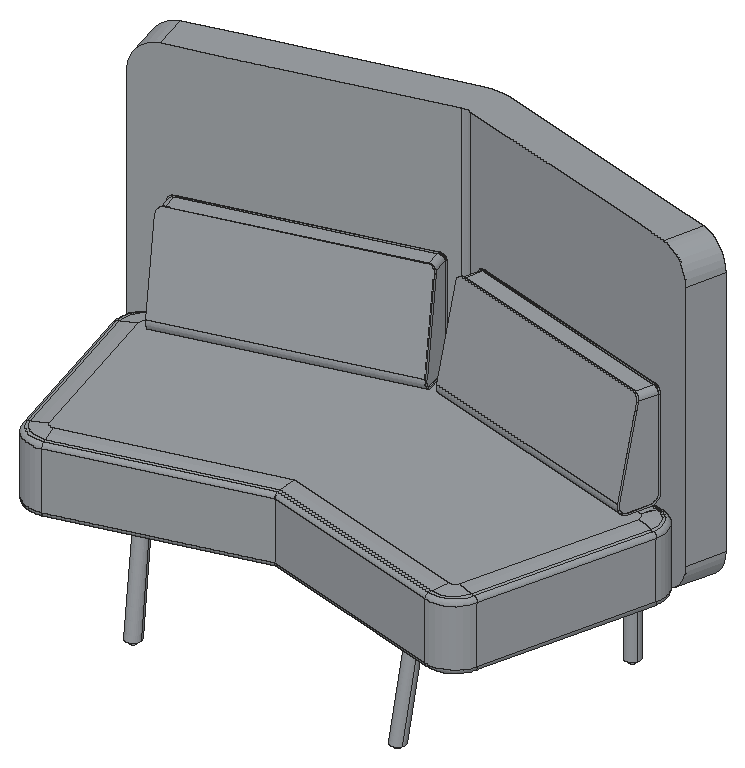
Revit family "Martin Brattrud - Medinah - Sofa - 30 Degree", category Furniture, Revit 2016
Family settings
  OmniClass Number = 23.40.20.00
  OmniClass Title = General Furniture and Specialties
  Work Plane-Based = No
  Always vertical = Yes
  Cut with Voids When Loaded = No
  Shared = No
  Room Calculation Point = No
Parameters (values of type "Mid Back")
  r = 0' - 0 1/2"  # constant formula
  WIDTH = 5' - 3"  # constant formula
  Upholstery (Seat) [instance] = Fabric - White
  Upholstery (Pillow) [instance] = Fabric - White
  Upholstery (Back) [instance] = Fabric - White
  URL = "http://www.martinbrattrud.com"
  SCS Certified Product = "Yes"
  Model = "1925-70"
  Manufacturer = "Martin Brattrud, Inc."
  Leg [instance] = Metal, Chrome
  Keynote = "125000"
  HEIGHT = 3' - 7"
  Description = "Medinah, Sofa 30 Degree"
  DEPTH = 3' - 7"  # constant formula
  Copyright = "© 2018 Martin Brattrud, Inc."
  Authoring Version = "Revit Architecture 2016"
  Assembly Code = "E2020200"
  ANGLE = 15.00°  # constant formula
Types (4): name | Model | HEIGHT
  (no name) | "1925-70" | 3' - 7"
  Low Back | "1924-70" | 2' - 9"
  Mid Back | "1925-70" | 3' - 7"
  High Back | "1926-70" | 4' - 6"
Reference planes (in)
  plane 1 "Center Front/Back": y = 0
  plane 2: z = 0
  plane 3 "Center Left/Right": x = 0
  plane 4: y = 14
  plane 5: z = 11.3187651
  plane 6: z = 0.3828391
  plane 7: z = 11.0687651
  plane 8: z = 9.5880093
  plane 9: z = 18.375424
  plane 10: z = 29.1968652
  plane 11: through (0, -4.1319701, 19.5573484) normal (0, 0.9781, -0.2079)
  plane 12: through (0, -4.2542385, 19.5833374) normal (0, 0.9781, -0.2079)
  plane 13 "TOS": z = 17.5
  plane 14: through (-13.7063367, -16.1213211, 48) normal (-0.9659, -0.2588, 0)
  plane 15: through (13.7063367, -16.1213211, 48) normal (-0.9659, 0.2588, 0)
  plane 16: z = 43
  plane 17: through (-12.5604656, 2.3588465, 48) normal (0.9659, 0.2588, 0)
Forms (in)
  Extrusion 1, solid, material "Fabric - White" <- "Upholstery (Back)"
    sketch origin (0, 0, 17.5) x (0, -1, 0) y (1, 0, 0)
      loop
        line (-6.099132, -30.013051) -> (-2.2354286, -28.9777748) -> (-9.8612993, -0.5176381)
        arc (-9.8612993, -0.5176381) -> (-9.9294476, 0) -> (-9.8612993, 0.5176381) r 2
        line (-9.8612993, 0.5176381) -> (-2.2354286, 28.9777748) -> (-6.099132, 30.013051) -> (-13.7250026, 1.5529143)
        arc (-13.7250026, 1.5529143) -> (-13.9294476, 0) -> (-13.7250026, -1.5529143) r 6
        line (-13.7250026, -1.5529143) -> (-6.099132, -30.013051)
    from -6.4312349 to 25.5
  Extrusion 2, void
    sketch origin (0, 10, 17.5) x (0.965926, 0.258819, 0) y (0, 0, -1)
      loop
        arc (-27, -25.5) -> (-29.1213203, -24.6213203) -> (-30, -22.5) r 3
        line (-30, -22.5) -> (-30, 3.4312349)
        arc (-30, 3.4312349) -> (-29.1213203, 5.5525553) -> (-27, 6.4312349) r 3
        line (-27, 6.4312349) -> (-22, 6.4312349) -> (-22, 10.4312349) -> (-34, 10.0192442) -> (-34, -29.5) -> (-22, -29.5) -> (-22, -25.5) -> (-27, -25.5)
    from 0 to 13
  Extrusion 3, void
    sketch origin (0, 10, 17.5) x (-0.965926, 0.258819, 0) y (0, 0, 1)
      loop
        line (-22, 25.5) -> (-22, 29.5) -> (-34, 29.5) -> (-34, -10.4312349) -> (-22, -10.4312349) -> (-22, -6.4312349) -> (-27, -6.4312349)
        arc (-27, -6.4312349) -> (-29.1213203, -5.5525553) -> (-30, -3.4312349) r 3
        line (-30, -3.4312349) -> (-30, 22.5)
        arc (-30, 22.5) -> (-29.1213203, 24.6213203) -> (-27, 25.5) r 3
        line (-27, 25.5) -> (-22, 25.5)
    from 0 to 13
Cuts and joins
  Extrusion 2, Extrusion 3 cuts Extrusion 1
Lines and regions (in)
  reference lines
    curve 1: line (0, 10, 17.5) -> (-30, 1.9615242, 17.5)
    curve 2: line (0, 10, 17.5) -> (30, 1.9615242, 17.5)
    curve 3: line (-28.9777748, 2.2354286, 17.5) -> (-22.7661177, -20.9467912, 17.5)
    curve 4: line (28.9777748, 2.2354286, 17.5) -> (22.7661177, -20.9467912, 17.5)
    curve 5: line (0, -14.8466283, 17.5) -> (-23.7883429, -21.2206956, 17.5)
    curve 6: line (0, -14.8466283, 17.5) -> (23.7883429, -21.2206956, 17.5)
    curve 7: line (0, 14.1411047, 17.5) -> (-31.0352762, 5.8252275, 17.5)
    curve 8: line (0, 14.1411047, 17.5) -> (31.0352762, 5.8252275, 17.5)
    curve 9: line (0, -12.2584379, 17.5) -> (-20.9983508, -17.884929, 17.5)
    curve 10: line (0, -12.2584379, 17.5) -> (20.9983508, -17.884929, 17.5)
    curve 11: line (-25.9159126, 0.4676617, 17.5) -> (-20.9983508, -17.884929, 17.5)
    curve 12: line (0, 7.4118095, 17.5) -> (-25.9159126, 0.4676617, 17.5)
    curve 13: line (0, 7.4118095, 17.5) -> (25.9159126, 0.4676617, 17.5)
    curve 14: line (25.9159126, 0.4676617, 17.5) -> (20.9983508, -17.884929, 17.5)
    curve 15: line (0, 12.0705524, 17.5) -> (-30.5176381, 3.8933759, 17.5)
    curve 16: line (0, 12.0705524, 17.5) -> (30.5176381, 3.8933759, 17.5)
    curve 17: line (0, -2.4233142, 17.5) -> (-26.8941715, -9.6295857, 17.5)
    curve 18: line (0, -2.4233142, 17.5) -> (26.8941715, -9.6295857, 17.5)
Dimensions and locks (in)
  plane 9 to level = 1' - 6.37542"
  locked: plane 11 to plane 12 at 0.125
  plane 13 "TOS" to level = 1' - 5 1/2"
  curve 3 to curve 2 = 2' - 6"
  curve 4 to curve 2 = 2' - 6"
  locked: curve 1 to curve 5 at 24
  locked: curve 6 to curve 2 at 24
  locked: curve 7 to curve 1 at 4
  locked: curve 2 to curve 8 at 4
  locked: curve 9 to curve 5 at 2.5
  locked: curve 1 to curve 12 at 2.5
  locked: curve 13 to curve 2 at 2.5
  locked: curve 6 to curve 10 at 2.5
  locked: curve 3 to curve 11 at 2.5
  locked: curve 14 to curve 4 at 2.5
  "HEIGHT": plane 16 to level
  curve 3 to plane 14 = 0' - 10"
  curve 4 to plane 15 = 0' - 10"
  locked: curve 5 to curve 3 (angle 90.00°)
  locked: curve 3 to curve 1 (angle 90.00°)
  locked: curve 4 to curve 6 (angle 90.00°)
  locked: curve 2 to curve 4 (angle 90.00°)
  "ANGLE": angle curve 8 to plane 4
  "ANGLE": angle plane 4 to curve 7
  aligned and locked: plane 3 "Center Left/Right" to curve 1
  aligned and locked: Extrusion 1 sketch curve to curve 3
  aligned and locked: curve 1 to Extrusion 1 sketch curve
  aligned and locked: curve 7 to Extrusion 1 sketch curve
  aligned and locked: curve 2 to Extrusion 1 sketch curve
  aligned and locked: curve 8 to Extrusion 1 sketch curve
  aligned and locked: Extrusion 1 sketch curve to curve 4
  aligned and locked: plane 16 to Extrusion 1
Automatic sketch dimensions
  plane 3 "Center Left/Right" to Extrusion 1 sketch curve = 0' - 0.51764"
  Extrusion 1 sketch curve to plane 3 "Center Left/Right" = 0' - 0.51764"
  Extrusion 1 sketch curve to plane 1 "Center Front/Back" = 0' - 7.92945"
  Extrusion 1 sketch curve to Extrusion 1 sketch curve = 0' - 0"
  Extrusion 1 sketch curve to Extrusion 1 sketch curve = 0' - 1.03528"
  plane 3 "Center Left/Right" to Extrusion 1 sketch curve = 0' - 1.55291"
  Extrusion 2 sketch curve to Extrusion 1 = 0' - 0"  (x2)
  Extrusion 1 to Extrusion 2 sketch curve = 0' - 0"
  Extrusion 2 sketch curve to Extrusion 1 = 0' - 4"
  Extrusion 2 sketch curve to Extrusion 2 sketch curve = 0' - 3"
  Extrusion 1 to Extrusion 2 sketch curve = 0' - 3"
  Extrusion 2 sketch curve to Extrusion 2 sketch curve = 0' - 5"  (x2)
  Extrusion 1 to Extrusion 2 sketch curve = 0' - 4"  (x2)
  Extrusion 1 to Extrusion 2 sketch curve = 0' - 3.58801"
  Extrusion 3 sketch curve to Extrusion 1 = 0' - 0"  (x2)
  Extrusion 1 to Extrusion 3 sketch curve = 0' - 0"
  Extrusion 3 sketch curve to Extrusion 1 = 0' - 4"
  Extrusion 3 sketch curve to Extrusion 3 sketch curve = 0' - 3"
  Extrusion 1 to Extrusion 3 sketch curve = 0' - 3"
  Extrusion 3 sketch curve to Extrusion 3 sketch curve = 0' - 5"  (x2)
  Extrusion 1 to Extrusion 3 sketch curve = 0' - 4"  (x2)
  curve 16 to plane 3 "Center Left/Right" = 0' - 0"
  curve 17 to plane 3 "Center Left/Right" = 0' - 0"
  curve 16 to plane 4 = 0' - 1.92945"
  plane 1 "Center Front/Back" to curve 17 = 0' - 2.42331"
  curve 15 to curve 1 = 0' - 1.93185"
  curve 8 to curve 16 = 0' - 1.93185"
  plane 1 "Center Front/Back" to curve 17 = 0' - 9.62959"
  plane 1 "Center Front/Back" to curve 18 = 0' - 9.62959"
  curve 15 to curve 1 = 0' - 0.51764"
  curve 17 to curve 9 = 0' - 5.89582"
  curve 10 to curve 18 = 0' - 5.89582"
  curve 16 to curve 8 = 0' - 0.51764"
Nested families (in)
  nested 1: "Martin_Brattrud_Medinah_SEAT CUSHION_30" at (0, 0, 0), UPHOLSTERY <- "Upholstery (Seat)", type "Martin_Brattrud_Medinah_SEAT CUSHION_30"
    with WIDTH 5' - 0", UPHOLSTERY Fabric - White, LEG Metal, Chrome, DEPTH 2' - 4"
  nested 2: "Martin_Brattrud_Medinah_LEG" at (-16.7303264, -4.835638, 0) x (0.9659, 0.2588, 0) z (0, 0, 1), LEG <- "Leg", type "Martin_Brattrud_Medinah_LEG"
    with UPHOLSTERY none, LEG Metal, Chrome
  nested 3: "Martin_Brattrud_Medinah_LEG" at (16.7303264, -4.835638, 0) x (-0.9659, 0.2588, 0) z (0, 0, 1), LEG <- "Leg", type "Martin_Brattrud_Medinah_LEG"
    with UPHOLSTERY none, LEG Metal, Chrome
  nested 4: "Martin_Brattrud_Medinah_BACK CUSHION" at (-13.6293623, 6.3480234, 0) x (0.9659, 0.2588, 0) z (0, 0, 1), UPHOLSTERY <- "Upholstery (Pillow)", type "Martin_Brattrud_Medinah_BACK CUSHION"
    with WIDTH 2' - 0.75974", UPHOLSTERY Fabric - White, LEG Fabric - White
  nested 5: "Martin_Brattrud_Medinah_BACK CUSHION" at (13.6293623, 6.3480234, 0) x (-0.9659, 0.2588, 0) z (0, 0, 1), UPHOLSTERY <- "Upholstery (Pillow)", type "Martin_Brattrud_Medinah_BACK CUSHION"
    with WIDTH 2' - 0.75974", UPHOLSTERY Fabric - White, LEG Fabric - White
Definition of nested family "Martin_Brattrud_Medinah_SEAT CUSHION_30"
  Parameters (values of type "Martin_Brattrud_Medinah_SEAT CUSHION_30")
    r = 0' - 0 1/2"
    WIDTH [instance] = 5' - 0"
    URL = "http://www.martinbrattrud.com"
    UPHOLSTERY [instance] = none
    SCS Certified Product = "Yes"
    Model = "MEDINAH"
    Manufacturer = "Martin Brattrud, Inc."
    LEG [instance] = none
    Keynote = "125000"
    DEPTH [instance] = 2' - 4"
    Copyright = "© 2013 Martin Brattrud, Inc."
    Authoring Version = "Revit Architecture 2010"
    Assembly Code = "E2020200"
    ANGLE = 15.00°
  Reference planes (in)
    plane 1 "Center Front/Back": y = 0
    plane 2: z = 0
    plane 3 "Center Left/Right": x = 0
    plane 4: y = 14
    plane 5: z = 11.3187651
    plane 6: z = 0.3828391
    plane 7: z = 11.0687651
    plane 8: z = 9.5880093
    plane 9: z = 18.375424
    plane 10: z = 29.1968652
    plane 11: through (0, -4.1319701, 19.5573484) normal (0, 0.9781, -0.2079)
    plane 12: through (0, -4.2542385, 19.5833374) normal (0, 0.9781, -0.2079)
    plane 13 "TOS": z = 17.5
    plane 14: through (-14.1259526, -16.2337568, 48) normal (-0.9659, -0.2588, 0)
    plane 15: through (14.1259526, -16.2337568, 48) normal (-0.9659, 0.2588, 0)
  Forms (in)
    Sweep 1, solid, material <- "UPHOLSTERY"
      path origin (0, 0, 17.5) x (0, -1, 0) y (1, 0, 0)
        loop
          line (-7.3771344, -0.1294095) -> (-0.5970712, -25.4329497)
          arc (-0.5970712, -25.4329497) -> (-0.3641083, -25.7365529) -> (0.0153012, -25.7865031) r 0.5
          line (0.0153012, -25.7865031) -> (17.4019661, -21.1277603)
          arc (17.4019661, -21.1277603) -> (17.7055693, -20.8947974) -> (17.7555195, -20.5153878) r 0.5
          line (17.7555195, -20.5153878) -> (12.2584379, 0) -> (17.7555195, 20.5153878)
          arc (17.7555195, 20.5153878) -> (17.7055693, 20.8947974) -> (17.4019661, 21.1277603) r 0.5
          line (17.4019661, 21.1277603) -> (0.0153012, 25.7865031)
          arc (0.0153012, 25.7865031) -> (-0.3641083, 25.7365529) -> (-0.5970712, 25.4329497) r 0.5
          line (-0.5970712, 25.4329497) -> (-7.3771344, 0.1294095)
          arc (-7.3771344, 0.1294095) -> (-7.3941715, 0) -> (-7.3771344, -0.1294095) r 0.5
      profile origin (-12.7811796, 3.9871028, 17.5) x (0.258819, -0.965926, 0) y (0, 0, 1)
        loop
          line (0, 0.875424) -> (-0.1591661, 0.875424)
          arc (-0.1591661, 0.875424) -> (-0.9953938, 0.8315992) -> (-1.8224596, 0.7006049) r 8
          line (-1.8224596, 0.7006049) -> (-2.1039558, 0.640771)
          arc (-2.1039558, 0.640771) -> (-2.388573, 0.4663574) -> (-2.5, 0.1516972) r 0.5
          line (-2.5, 0.1516972) -> (-2.5, -5.7471946)
          arc (-2.5, -5.7471946) -> (-2.3830222, -6.0685884) -> (-2.0868241, -6.2395985) r 0.5
          line (-2.0868241, -6.2395985) -> (-1.6892761, -6.3096969)
          arc (-1.6892761, -6.3096969) -> (-0.9973366, -6.4007925) -> (-0.3000907, -6.4312349) r 8
          line (-0.3000907, -6.4312349) -> (0, -6.4312349) -> (0, 0.875424)
    Extrusion 2, solid, material <- "UPHOLSTERY"
      sketch origin (0, 0, 17.5) x (0, -1, 0) y (1, 0, 0)
        loop
          line (12.2584379, 0) -> (17.7555195, 20.5153878)
          arc (17.7555195, 20.5153878) -> (17.7055693, 20.8947974) -> (17.4019661, 21.1277603) r 0.5
          line (17.4019661, 21.1277603) -> (0.0153012, 25.7865031)
          arc (0.0153012, 25.7865031) -> (-0.3641083, 25.7365529) -> (-0.5970712, 25.4329497) r 0.5
          line (-0.5970712, 25.4329497) -> (-7.3771344, 0.1294095)
          arc (-7.3771344, 0.1294095) -> (-7.3941715, 0) -> (-7.3771344, -0.1294095) r 0.5
          line (-7.3771344, -0.1294095) -> (-0.5970712, -25.4329497)
          arc (-0.5970712, -25.4329497) -> (-0.3641083, -25.7365529) -> (0.0153012, -25.7865031) r 0.5
          line (0.0153012, -25.7865031) -> (17.4019661, -21.1277603)
          arc (17.4019661, -21.1277603) -> (17.7055693, -20.8947974) -> (17.7555195, -20.5153878) r 0.5
          line (17.7555195, -20.5153878) -> (12.2584379, 0)
      from -6.4312349 to 0.875424
  Cuts and joins
    joined: Sweep 1, Extrusion 2
  Lines and regions (in)
    reference lines
      curve 1: line (0, 10, 17.5) -> (-30, 1.9615242, 17.5)
      curve 2: line (0, 10, 17.5) -> (30, 1.9615242, 17.5)
      curve 3: line (-28.9777748, 2.2354286, 17.5) -> (-22.7661177, -20.9467912, 17.5)
      curve 4: line (28.9777748, 2.2354286, 17.5) -> (22.7661177, -20.9467912, 17.5)
      curve 5: line (0, -14.8466283, 17.5) -> (-23.7883429, -21.2206956, 17.5)
      curve 6: line (0, -14.8466283, 17.5) -> (23.7883429, -21.2206956, 17.5)
      curve 7: line (0, 14.1411047, 17.5) -> (-31.0352762, 5.8252275, 17.5)
      curve 8: line (0, 14.1411047, 17.5) -> (31.0352762, 5.8252275, 17.5)
      curve 9: line (0, -12.2584379, 17.5) -> (-20.9983508, -17.884929, 17.5)
      curve 10: line (0, -12.2584379, 17.5) -> (20.9983508, -17.884929, 17.5)
      curve 11: line (-25.9159126, 0.4676617, 17.5) -> (-20.9983508, -17.884929, 17.5)
      curve 12: line (0, 7.4118095, 17.5) -> (-25.9159126, 0.4676617, 17.5)
      curve 13: line (0, 7.4118095, 17.5) -> (25.9159126, 0.4676617, 17.5)
      curve 14: line (25.9159126, 0.4676617, 17.5) -> (20.9983508, -17.884929, 17.5)
  Dimensions and locks (in)
    plane 9 to level = 1' - 6.37542"
    locked: plane 11 to plane 12 at 0.125
    plane 13 "TOS" to level = 1' - 5 1/2"
    curve 3 to curve 2 = 2' - 6"
    curve 4 to curve 2 = 2' - 6"
    locked: curve 1 to curve 5 at 24
    locked: curve 6 to curve 2 at 24
    locked: curve 7 to curve 1 at 4
    locked: curve 2 to curve 8 at 4
    locked: curve 9 to curve 5 at 2.5
    locked: curve 1 to curve 12 at 2.5
    locked: curve 13 to curve 2 at 2.5
    locked: curve 6 to curve 10 at 2.5
    locked: curve 3 to curve 11 at 2.5
    locked: curve 14 to curve 4 at 2.5
    "r": radius of Sweep 1 sketch curve  (x5)
    "r": radius of Extrusion 2 sketch curve  (x5)
    locked: curve 5 to curve 3 (angle 90.00°)
    locked: curve 3 to curve 1 (angle 90.00°)
    locked: curve 4 to curve 6 (angle 90.00°)
    locked: curve 2 to curve 4 (angle 90.00°)
    "ANGLE": angle curve 8 to plane 4
    "ANGLE": angle plane 4 to curve 7
    aligned and locked: Extrusion 2 to plane 9
    aligned and locked: Extrusion 2 to plane 7
    aligned and locked: plane 3 "Center Left/Right" to curve 1
    aligned and locked: curve 12 to Sweep 1 sketch curve
    aligned and locked: curve 11 to Sweep 1 sketch curve
    aligned and locked: Sweep 1 sketch curve to curve 9
    aligned and locked: curve 10 to Sweep 1 sketch curve
    aligned and locked: Sweep 1 sketch curve to curve 14
    aligned and locked: Sweep 1 sketch curve to curve 13
    aligned and locked: Extrusion 2 sketch curve to curve 9
    aligned and locked: Extrusion 2 sketch curve to curve 11
    aligned and locked: Extrusion 2 sketch curve to curve 12
    aligned and locked: curve 13 to Extrusion 2 sketch curve
    aligned and locked: curve 14 to Extrusion 2 sketch curve
    aligned and locked: Extrusion 2 sketch curve to curve 10
  Automatic sketch dimensions
    profile plane to Sweep 1 sketch curve = 0' - 0"
    Sweep 1 sketch curve to Sweep 1 sketch curve = 0' - 0.15917"
    Sweep 1 sketch curve to Sweep 1 sketch curve = 0' - 0.30009"
    Sweep 1 sketch curve to Sweep 1 sketch curve = 0' - 1.38919"
    Sweep 1 sketch curve to plane 13 "TOS" = 0' - 0.7006"
    Sweep 1 sketch curve to Sweep 1 sketch curve = 0' - 1.66329"
    Sweep 1 sketch curve to Sweep 1 sketch curve = 0' - 0.31072"
    Sweep 1 sketch curve to Sweep 1 sketch curve = 0' - 0.39755"
    Sweep 1 sketch curve to plane 13 "TOS" = 0' - 0.1517"
    Sweep 1 sketch curve to Sweep 1 sketch curve = 0' - 0.17754"
    Sweep 1 sketch curve to plane 13 "TOS" = 0' - 0.64077"
    Sweep 1 sketch curve to Sweep 1 sketch curve = 0' - 0.2815"
    plane 13 "TOS" to Sweep 1 sketch curve = 0' - 5.74719"
    Sweep 1 sketch curve to Sweep 1 sketch curve = 0' - 0.0701"
    Sweep 1 sketch curve to Sweep 1 sketch curve = 0' - 0.12154"
    Sweep 1 sketch curve to Sweep 1 sketch curve = 0' - 0.69334"
    plane 3 "Center Left/Right" to Sweep 1 sketch curve = 0' - 0.12941"
    Sweep 1 sketch curve to plane 3 "Center Left/Right" = 0' - 0.12941"
    Sweep 1 sketch curve to Sweep 1 sketch curve = 0' - 0.48296"  (x4)
    plane 1 "Center Front/Back" to Sweep 1 sketch curve = 0' - 0.0153"  (x2)
    Sweep 1 sketch curve to Sweep 1 sketch curve = 0' - 0.12941"  (x2)
    plane 3 "Center Left/Right" to Extrusion 2 sketch curve = 0' - 0.12941"
    Extrusion 2 sketch curve to plane 3 "Center Left/Right" = 0' - 0.12941"
    Extrusion 2 sketch curve to Extrusion 2 sketch curve = 0' - 0.48296"  (x4)
    plane 1 "Center Front/Back" to Extrusion 2 sketch curve = 0' - 0.0153"  (x2)
    Extrusion 2 sketch curve to Extrusion 2 sketch curve = 0' - 0.12941"  (x2)
    plane 4 to curve 7 = 0' - 0.1411"
Definition of nested family "Martin_Brattrud_Medinah_LEG"
  Parameters (values of type "Martin_Brattrud_Medinah_LEG")
    URL = "http://www.martinbrattrud.com"
    UPHOLSTERY [instance] = none
    SCS Certified Product = "Yes"
    Model = "MEDINAH"
    Manufacturer = "Martin Brattrud, Inc."
    LEG [instance] = none
    Keynote = "125000"
    Copyright = "© 2013 Martin Brattrud, Inc."
    Authoring Version = "Revit Architecture 2010"
    Assembly Code = "E2020200"
  Reference planes (in)
    plane 1 "Center Front/Back": y = 0
    plane 2: z = 0
    plane 3 "Center Left/Right": x = 0
    plane 4: y = 14
    plane 5: y = -14
    plane 6: y = 10
    plane 7: z = 11.3187651
    plane 8: z = 0.3828391
    plane 9: z = 11.0687651
    plane 10: z = 9.5880093
  Forms (in)
    Blend 1, solid, material <- "LEG"
      base sketch origin (0, 0.4291845, 0) x (1, 0, 0) y (0, 1, 0)
        loop
          circle (0, -12.0395903) r 0.75
      top sketch origin (0, 0.4291845, 0) x (1, 0, 0) y (0, 1, 0)
        loop
          circle (0, -10.1333403) r 0.75
      from 0.3828391 to 11.0687651
    Extrusion 2, solid, material <- "LEG"
      sketch origin (0, -0.0541609, 0) x (1, 0, 0) y (0, 1, 0)
        loop
          circle (0, 12.0541597) r 0.75
      from 0.3828391 to 11.0687651
    Extrusion 3, solid, material <- "LEG"
      sketch origin (0, -0.0541609, 0) x (1, 0, 0) y (0, 1, 0)
        loop
          circle (0, 12.0541597) r 0.3125
        loop
          circle (0.0088621, -11.5418738) r 0.3125
      from 0 to 0.3828391
    Blend 4, solid, material <- "LEG"
      base sketch origin (0, 0, 0) x (1, 0, 0) y (0, 1, 0)
        loop
          line (-0.75, 11.9999988) -> (-0.75, -9.9697661)
          arc (-0.75, -9.9697661) -> (0, -9.2197661) -> (0.75, -9.9697661) r 0.75
          line (0.75, -9.9697661) -> (0.75, 11.9999988)
          arc (0.75, 11.9999988) -> (0, 11.2499988) -> (-0.75, 11.9999988) r 0.75
      top sketch origin (0, 0, 0) x (1, 0, 0) y (0, 1, 0)
        loop
          line (-0.75, 11.9999988) -> (-0.75, -9.7041557)
          arc (-0.75, -9.7041557) -> (0, -8.9541557) -> (0.75, -9.7041557) r 0.75
          line (0.75, -9.7041557) -> (0.75, 11.9999988)
          arc (0.75, 11.9999988) -> (0, 11.2499988) -> (-0.75, 11.9999988) r 0.75
      from 9.5880093 to 11.0687651
  Cuts and joins
    joined: Blend 1, Extrusion 2, Extrusion 3
Definition of nested family "Martin_Brattrud_Medinah_BACK CUSHION"
  Parameters (values of type "Martin_Brattrud_Medinah_BACK CUSHION")
    WIDTH [instance] = 2' - 0.75974"
    URL = "http://www.martinbrattrud.com"
    UPHOLSTERY [instance] = none
    SCS Certified Product = "Yes"
    Model = "MEDINAH"
    Manufacturer = "Martin Brattrud, Inc."
    LEG [instance] = none
    Keynote = "125000"
    Copyright = "© 2013 Martin Brattrud, Inc."
    Authoring Version = "Revit Architecture 2010"
    Assembly Code = "E2020200"
  Reference planes (in)
    plane 1 "Center Front/Back": y = 0
    plane 2: z = 0
    plane 3 "Center Left/Right": x = 0
    plane 4: y = 14
    plane 5: y = -14
    plane 6: y = 10
    plane 7: z = 11.3187651
    plane 8: z = 0.3828391
    plane 9: z = 11.0687651
    plane 10: z = 9.5880093
    plane 11: x = -12.3798725
    plane 12: x = 12.3798725
    plane 13: x = -12.2548723
    plane 14: x = 12.2548723
    plane 15: z = 18.375424
    plane 16: z = 29.0718646
    plane 17: z = 29.1968652
    plane 18: y = -0.125
    plane 19: through (0, -4.1319701, 19.5573484) normal (0, 0.9781, -0.2079)
    plane 20: z = 18.500424
    plane 21: through (0, -4.2542385, 19.5833374) normal (0, 0.9781, -0.2079)
  Forms (in)
    Extrusion 1, solid, material <- "UPHOLSTERY"
      sketch origin (0, 0, 0) x (0, 1, 0) y (0, 0, 1)
        loop
          line (-3.2760913, 18.375424) -> (-1, 18.375424)
          arc (-1, 18.375424) -> (-0.2928932, 18.6683173) -> (0, 19.375424) r 1
          line (0, 19.375424) -> (0, 29.1968652) -> (-0.125, 29.1968652) -> (-0.125, 19.375424)
          arc (-0.125, 19.375424) -> (-0.3812816, 18.7567056) -> (-1, 18.500424) r 0.875
          line (-1, 18.500424) -> (-3.2760913, 18.500424)
          arc (-3.2760913, 18.500424) -> (-3.956094, 18.8247687) -> (-4.1319704, 19.5573468) r 0.875
          line (-4.1319704, 19.5573468) -> (-2.0830275, 29.1968652) -> (-2.2108201, 29.1968652) -> (-4.2542389, 19.5833357)
          arc (-4.2542389, 19.5833357) -> (-4.0532372, 18.7461037) -> (-3.2760913, 18.375424) r 1
      from -12.3798725 to 12.3798725
    Extrusion 2, void
      sketch origin (0, 0, 0) x (1, 0, 0) y (0, 0, 1)
        loop
          arc (-12.3798725, 28.4468652) -> (-12.1602025, 28.9771953) -> (-11.6298725, 29.1968652) r 0.75
          line (-11.6298725, 29.1968652) -> (11.6298725, 29.1968652)
          arc (11.6298725, 29.1968652) -> (12.1602025, 28.9771953) -> (12.3798725, 28.4468652) r 0.75
          line (12.3798725, 28.4468652) -> (12.3798725, 18.375424) -> (13.3798725, 18.375424) -> (13.3798725, 28.4468652)
          arc (13.3798725, 28.4468652) -> (12.8673093, 29.6843021) -> (11.6298725, 30.1968652) r 1.75
          line (11.6298725, 30.1968652) -> (-11.6298725, 30.1968652)
          arc (-11.6298725, 30.1968652) -> (-12.8673093, 29.6843021) -> (-13.3798725, 28.4468652) r 1.75
          line (-13.3798725, 28.4468652) -> (-13.3798725, 18.375424) -> (-12.3798725, 18.375424) -> (-12.3798725, 28.4468652)
      from 0 to 14
    Extrusion 3, solid, material <- "UPHOLSTERY"
      sketch origin (0, 0, 0) x (0, 1, 0) y (0, 0, 1)
        loop
          line (-0.125, 19.375424) -> (-0.125, 29.0718646) -> (-2.1095972, 29.0718646) -> (-4.1319704, 19.5573468)
          arc (-4.1319704, 19.5573468) -> (-3.956094, 18.8247687) -> (-3.2760913, 18.500424) r 0.875
          line (-3.2760913, 18.500424) -> (-1, 18.500424)
          arc (-1, 18.500424) -> (-0.3812816, 18.7567056) -> (-0.125, 19.375424) r 0.875
      from -12.2548723 to 12.2548723
    Extrusion 4, void
      sketch origin (0, 0, 0) x (1, 0, 0) y (0, 0, 1)
        loop
          arc (-12.2548723, 28.4468646) -> (-12.0718141, 28.8888063) -> (-11.6298723, 29.0718646) r 0.625
          line (-11.6298723, 29.0718646) -> (11.6298723, 29.0718646)
          arc (11.6298723, 29.0718646) -> (12.0718141, 28.8888063) -> (12.2548723, 28.4468646) r 0.625
          line (12.2548723, 28.4468646) -> (12.2548723, 18.375424) -> (13.2548723, 18.375424) -> (13.2548723, 28.4468646)
          arc (13.2548723, 28.4468646) -> (12.7789209, 29.5959131) -> (11.6298723, 30.0718646) r 1.625
          line (11.6298723, 30.0718646) -> (-11.6298723, 30.0718646)
          arc (-11.6298723, 30.0718646) -> (-12.7789209, 29.5959131) -> (-13.2548723, 28.4468646) r 1.625
          line (-13.2548723, 28.4468646) -> (-13.2548723, 18.375424) -> (-12.2548723, 18.375424) -> (-12.2548723, 28.4468646)
      from 0 to 7.8193076
  Cuts and joins
    Extrusion 2 cuts Extrusion 1
    Extrusion 4 cuts Extrusion 3
    joined: Extrusion 1, Extrusion 3
  Dimensions and locks (in)
    plane 15 to level = 1' - 6.37542"
    plane 16 to plane 15 = 0' - 10.69644"
    locked: plane 17 to plane 16 at 0.1250006
    equal spacing: plane 12, plane 3 "Center Left/Right", plane 11
    locked: plane 13 to plane 11 at 0.1250001
    locked: plane 14 to plane 12 at 0.1250001
    "WIDTH": plane 12 to plane 11
    locked: plane 1 "Center Front/Back" to plane 18 at 0.125
    locked: plane 15 to plane 20 at 0.125
    locked: plane 19 to plane 21 at 0.125
    aligned and locked: plane 15 to Extrusion 1 sketch curve
    aligned and locked: plane 20 to Extrusion 1 sketch curve
    aligned and locked: plane 1 "Center Front/Back" to Extrusion 1 sketch curve
    aligned and locked: plane 18 to Extrusion 1 sketch curve
    aligned and locked: plane 19 to Extrusion 1 sketch curve
    aligned and locked: plane 21 to Extrusion 1 sketch curve
    aligned and locked: plane 17 to Extrusion 1 sketch curve
    aligned and locked: Extrusion 1 to plane 11
    aligned and locked: Extrusion 1 to plane 12
    aligned and locked: Extrusion 2 sketch curve to plane 11
    aligned and locked: Extrusion 2 sketch curve to plane 17
    aligned and locked: plane 12 to Extrusion 2 sketch curve
    aligned and locked: Extrusion 2 sketch curve to plane 15
    aligned and locked: plane 16 to Extrusion 3 sketch curve
    aligned and locked: Extrusion 3 to plane 13
    aligned and locked: Extrusion 3 to plane 14
    aligned and locked: Extrusion 4 sketch curve to plane 13
    aligned and locked: Extrusion 4 sketch curve to plane 16
    aligned and locked: plane 14 to Extrusion 4 sketch curve
    aligned and locked: Extrusion 4 sketch curve to plane 15
  Automatic sketch dimensions
    Extrusion 1 sketch curve to Extrusion 1 sketch curve = 0' - 0"  (x3)
    plane 17 to Extrusion 1 sketch curve = 0' - 0"
    Extrusion 1 sketch curve to plane 20 = 0' - 0 7/8"
    Extrusion 1 sketch curve to plane 20 = 0' - 1.05692"
    Extrusion 1 sketch curve to plane 20 = 0' - 1.08291"
    plane 18 to Extrusion 1 sketch curve = 0' - 0 7/8"
    plane 13 to Extrusion 2 sketch curve = 0' - 0 5/8"
    plane 16 to Extrusion 2 sketch curve = 0' - 0 5/8"
    Extrusion 2 sketch curve to Extrusion 2 sketch curve = 0' - 0"  (x4)
    Extrusion 2 sketch curve to plane 17 = 0' - 1"
    Extrusion 2 sketch curve to plane 15 = 0' - 0"
    Extrusion 3 sketch curve to Extrusion 3 sketch curve = 0' - 0.85588"
    plane 19 to Extrusion 3 sketch curve = 0' - 0"
    plane 13 to Extrusion 4 sketch curve = 0' - 0 5/8"
    plane 14 to Extrusion 4 sketch curve = 0' - 0 5/8"
    Extrusion 4 sketch curve to Extrusion 4 sketch curve = 0' - 0"  (x4)
    Extrusion 4 sketch curve to plane 11 = 0' - 0 7/8"
    Extrusion 4 sketch curve to plane 15 = 0' - 0"
